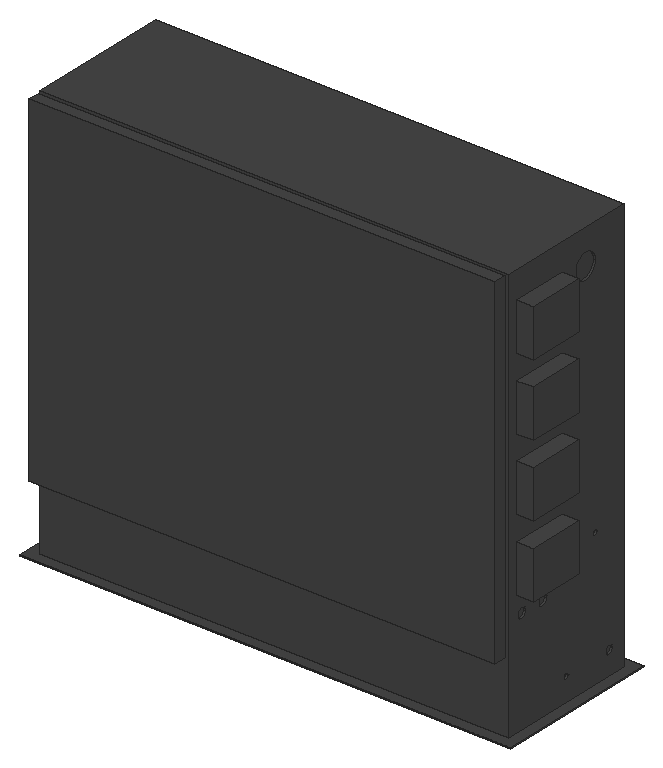
Revit family "SP4184W_EUR_Revit", category Mechanical Equipment, Revit 2014
Parameters (values of type "Standard")
  d99 = 0' - 1.45"
  d97 = 0' - 1.45"
  d95 = 0' - 1.45"
  d135 = 0' - 1"
  d133 = 1' - 1.815"
  d131 = 2' - 10.428"
  d129 = 0' - 0.2685"
  d127 = 0' - 0 1/4"
  d125 = 0' - 0 1/4"
  d123 = 0' - 0 1/4"
  d121 = 0' - 0 1/4"
  d119 = 0' - 0 1/4"
  d117 = 0' - 0 1/4"
  d115 = 0' - 0 1/4"
  d113 = 0' - 0 1/4"
  d111 = 0' - 0 1/4"
  d109 = 0' - 0 1/4"
  d107 = 0' - 0 1/4"
  d105 = 0' - 0 1/4"
  d103 = 0' - 0 1/4"
  d101 = 0' - 1.45"
  URL = "www.neptronic.com"
  Part Number = "SP4184W_Revit"
  Model = "SKE50-W, SKE60-W, SKE80-W"
  Manufacturer = "Neptronic"
  Designer = "Antoine"
  Design Status = 1
  Description = "Electric Resistive Humidifier Weather proof"
  Date Created = "2014-06-26 08:33:09"
  Connector_9_Diameter = 0' - 0"
  Connector_8_Diameter = 0' - 0"
  Connector_3_Diameter = 0' - 0"
  Connector_2_Diameter = 0' - 0"
  Connector_1_Diameter = 0' - 0"
  Connector_13_Diameter = 0' - 0"
  Connector_12_Diameter = 0' - 0"
  Connector_11_Diameter = 0' - 0"
  Connector_10_Diameter = 0' - 0"
  Author = "Antoine"
Reference planes (in)
  plane 1 "Center (Front/Back)": y = 0
  plane 2: z = 0
  plane 3 "Center (Left/Right)": x = 0
  plane 4: y = -6.2905
  plane 5: y = -7.2905
  plane 6: y = -6.961
  plane 7: y = 6.854
  plane 8: z = -34.428
  plane 9: z = 0
  plane 10: y = -6.2905
  plane 11: y = -6.022
  plane 12: z = -34.489
  plane 13: z = -34.239
  plane 14: z = -34.489
  plane 15: z = -34.239
  plane 16: z = -34.489
  plane 17: z = -34.239
  plane 18: z = -34.489
  plane 19: z = -34.239
  plane 20: z = -34.489
  plane 21: z = -34.239
  plane 22: z = -34.489
  plane 23: z = -34.239
  plane 24: x = -13.937
  plane 25: x = -13.687
  plane 26: x = 24.937
  plane 27: x = 24.687
  plane 28: x = 24.937
  plane 29: x = 24.687
  plane 30: x = 24.937
  plane 31: x = 24.687
  plane 32: x = 24.937
  plane 33: x = 24.687
  plane 34: x = 24.937
  plane 35: x = 24.687
  plane 36: x = 24.937
  plane 37: x = 24.687
  plane 38: x = 24.937
  plane 39: x = 26.387
  plane 40: x = 24.937
  plane 41: x = 26.387
  plane 42: x = 24.937
  plane 43: x = 26.387
  plane 44: x = 24.937
  plane 45: x = 26.387
Forms (in)
  Extrusion 1, solid
    sketch origin (0, -6.2905, 0) x (-1, 0, 0) y (0, 0, 1)
      loop
        line (-24.846, -0.0185) -> (-24.846, -28.4255) -> (13.846, -28.4255) -> (13.846, -0.0185) -> (-24.846, -0.0185)
    from 0 to -1
  Extrusion 2, solid
    sketch origin (0, -6.961, 0) x (-1, 0, 0) y (0, 0, -1)
      loop
        line (14.876, 34.489) -> (-25.876, 34.489) -> (-25.876, 34.428) -> (14.876, 34.428) -> (14.876, 34.489)
    from 0 to -13.815
  Extrusion 3, solid
    sketch origin (0, 0, -34.428) x (-1, 0, 0) y (0, -1, 0)
      loop
        line (13.937, 6.022) -> (-24.937, 6.022) -> (-24.937, -5.9685) -> (13.937, -5.9685) -> (13.937, 6.022)
    from 0 to 34.428
  Extrusion 4, solid
    sketch origin (0, -6.2905, 0) x (-1, 0, 0) y (0, 0, 1)
      loop
        line (13.124, -27.676) -> (13.124, -0.813) -> (-24.124, -0.813) -> (-24.124, -27.676) -> (13.124, -27.676)
    from 0 to 0.2685
  Extrusion 5, void
    sketch origin (0, 0, -34.489) x (-1, 0, 0) y (0, -1, 0)
      loop
        circle (-18.8305, -2.1115) r 1.0625
    from 0 to 0.25
  Extrusion 6, void
    sketch origin (0, 0, -34.489) x (-1, 0, 0) y (0, -1, 0)
      loop
        circle (-19.93097, 4.40847) r 0.4375
    from 0 to 0.25
  Extrusion 7, void
    sketch origin (0, 0, -34.489) x (-1, 0, 0) y (0, -1, 0)
      loop
        circle (-12.107, -4.348) r 0.375
    from 0 to 0.25
  Extrusion 8, void
    sketch origin (0, 0, -34.489) x (-1, 0, 0) y (0, -1, 0)
      loop
        circle (-5.5, 0.0535) r 0.25
    from 0 to 0.25
  Extrusion 9, void
    sketch origin (0, 0, -34.489) x (-1, 0, 0) y (0, -1, 0)
      loop
        circle (-17.59528, 4.40847) r 0.4375
    from 0 to 0.25
  Extrusion 10, void
    sketch origin (0, 0, -34.489) x (-1, 0, 0) y (0, -1, 0)
      loop
        circle (-22.4475, -2.7772) r 0.25
    from 0 to 0.25
  Extrusion 11, void
    sketch origin (-13.937, 0, 0) x (0, -1, 0) y (0, 0, 1)
      loop
        circle (-1.9965, -2.868) r 1.0625
    from 0 to -0.25
  Extrusion 12, void
    sketch origin (24.937, 0, 0) x (0, -1, 0) y (0, 0, -1)
      loop
        circle (-2.9685, 23.1345) r 0.25
    from 0 to -0.25
  Extrusion 13, void
    sketch origin (24.937, 0, 0) x (0, -1, 0) y (0, 0, -1)
      loop
        circle (-4.415, 32.489) r 0.375
    from 0 to -0.25
  Extrusion 14, void
    sketch origin (24.937, 0, 0) x (0, -1, 0) y (0, 0, -1)
      loop
        circle (0.0535, 32.489) r 0.25
    from 0 to -0.25
  Extrusion 15, void
    sketch origin (24.937, 0, 0) x (0, -1, 0) y (0, 0, -1)
      loop
        circle (2.47946, 25.77801) r 0.4375
    from 0 to -0.25
  Extrusion 16, void
    sketch origin (24.937, 0, 0) x (0, -1, 0) y (0, 0, -1)
      loop
        circle (4.65246, 25.77801) r 0.4375
    from 0 to -0.25
  Extrusion 17, void
    sketch origin (24.937, 0, 0) x (0, -1, 0) y (0, 0, -1)
      loop
        circle (-1.9965, 2.868) r 1.0625
    from 0 to -0.25
  Extrusion 18, solid
    sketch origin (24.937, 0, 0) x (0, -1, 0) y (0, 0, -1)
      loop
        line (0.5185, 2.202) -> (5.2435, 2.202) -> (5.2435, 6.152) -> (0.5185, 6.152) -> (0.5185, 2.202)
    from 0 to 1.45
  Extrusion 19, solid
    sketch origin (24.937, 0, 0) x (0, -1, 0) y (0, 0, -1)
      loop
        line (0.5185, 20.202) -> (5.2435, 20.202) -> (5.2435, 24.152) -> (0.5185, 24.152) -> (0.5185, 20.202)
    from 0 to 1.45
  Extrusion 20, solid
    sketch origin (24.937, 0, 0) x (0, -1, 0) y (0, 0, -1)
      loop
        line (0.5185, 14.202) -> (5.2435, 14.202) -> (5.2435, 18.152) -> (0.5185, 18.152) -> (0.5185, 14.202)
    from 0 to 1.45
  Extrusion 21, solid
    sketch origin (24.937, 0, 0) x (0, -1, 0) y (0, 0, -1)
      loop
        line (0.5185, 8.202) -> (5.2435, 8.202) -> (5.2435, 12.152) -> (0.5185, 12.152) -> (0.5185, 8.202)
    from 0 to 1.45
Cuts and joins
  Extrusion 5, Extrusion 6, Extrusion 7, Extrusion 8, Extrusion 9, Extrusion 10, Extrusion 11, Extrusion 12, Extrusion 13, Extrusion 14, Extrusion 15, Extrusion 16, Extrusion 17 cuts Extrusion 1
  Extrusion 5, Extrusion 6, Extrusion 7, Extrusion 8, Extrusion 9, Extrusion 10, Extrusion 11, Extrusion 12, Extrusion 13, Extrusion 14, Extrusion 15, Extrusion 16, Extrusion 17 cuts Extrusion 2
  Extrusion 5, Extrusion 6, Extrusion 7, Extrusion 8, Extrusion 9, Extrusion 10, Extrusion 11, Extrusion 12, Extrusion 13, Extrusion 14, Extrusion 15, Extrusion 16, Extrusion 17 cuts Extrusion 3
  Extrusion 5, Extrusion 6, Extrusion 7, Extrusion 8, Extrusion 9, Extrusion 10, Extrusion 11, Extrusion 12, Extrusion 13, Extrusion 14, Extrusion 15, Extrusion 16, Extrusion 17 cuts Extrusion 4
  joined: Extrusion 1, Extrusion 2, Extrusion 3, Extrusion 4, Extrusion 18, Extrusion 19, Extrusion 20, Extrusion 21
Lines and regions (in)
  reference lines
    curve 1: line (24.846, -6.2905, -0.0185) -> (-13.846, -6.2905, -0.0185)
    curve 2: line (-13.846, -6.2905, -0.0185) -> (-13.846, -6.2905, -28.4255)
    curve 3: line (-13.846, -6.2905, -28.4255) -> (24.846, -6.2905, -28.4255)
    curve 4: line (24.846, -6.2905, -28.4255) -> (24.846, -6.2905, -0.0185)
    curve 5: line (-14.876, -6.961, -34.489) -> (25.876, -6.961, -34.489)
    curve 6: line (25.876, -6.961, -34.489) -> (25.876, -6.961, -34.428)
    curve 7: line (-14.876, -6.961, -34.428) -> (25.876, -6.961, -34.428)
    curve 8: line (-14.876, -6.961, -34.489) -> (-14.876, -6.961, -34.428)
    curve 9: line (-13.937, -6.022, -34.428) -> (-13.937, 5.9685, -34.428)
    curve 10: line (-13.937, 5.9685, -34.428) -> (24.937, 5.9685, -34.428)
    curve 11: line (24.937, 5.9685, -34.428) -> (24.937, -6.022, -34.428)
    curve 12: line (24.937, -6.022, -34.428) -> (-13.937, -6.022, -34.428)
    curve 13: line (-13.124, -6.2905, -27.676) -> (24.124, -6.2905, -27.676)
    curve 14: line (24.124, -6.2905, -27.676) -> (24.124, -6.2905, -0.813)
    curve 15: line (24.124, -6.2905, -0.813) -> (-13.124, -6.2905, -0.813)
    curve 16: line (-13.124, -6.2905, -0.813) -> (-13.124, -6.2905, -27.676)
    curve 17: circle (18.8305, 2.1115, -34.489) r 1.0625 normal (0, 0, 1)
    curve 18: circle (19.93097, -4.40847, -34.489) r 0.4375 normal (0, 0, 1)
    curve 19: circle (12.107, 4.348, -34.489) r 0.375 normal (0, 0, 1)
    curve 20: circle (5.5, -0.0535, -34.489) r 0.25 normal (0, 0, 1)
    curve 21: circle (17.59528, -4.40847, -34.489) r 0.4375 normal (0, 0, 1)
    curve 22: circle (22.4475, 2.7772, -34.489) r 0.25 normal (0, 0, 1)
    curve 23: circle (-13.937, 1.9965, -2.868) r 1.0625 normal (-1, 0, 0)
    curve 24: circle (24.937, 2.9685, -23.1345) r 0.25 normal (1, 0, 0)
    curve 25: circle (24.937, 4.415, -32.489) r 0.375 normal (1, 0, 0)
    curve 26: circle (24.937, -0.0535, -32.489) r 0.25 normal (1, 0, 0)
    curve 27: circle (24.937, -2.47946, -25.77801) r 0.4375 normal (1, 0, 0)
    curve 28: circle (24.937, -4.65246, -25.77801) r 0.4375 normal (1, 0, 0)
    curve 29: circle (24.937, 1.9965, -2.868) r 1.0625 normal (1, 0, 0)
    curve 30: line (24.937, -0.5185, -2.202) -> (24.937, -0.5185, -6.152)
    curve 31: line (24.937, -0.5185, -6.152) -> (24.937, -5.2435, -6.152)
    curve 32: line (24.937, -5.2435, -6.152) -> (24.937, -5.2435, -2.202)
    curve 33: line (24.937, -5.2435, -2.202) -> (24.937, -0.5185, -2.202)
    curve 34: line (24.937, -0.5185, -20.202) -> (24.937, -0.5185, -24.152)
    curve 35: line (24.937, -0.5185, -24.152) -> (24.937, -5.2435, -24.152)
    curve 36: line (24.937, -5.2435, -24.152) -> (24.937, -5.2435, -20.202)
    curve 37: line (24.937, -5.2435, -20.202) -> (24.937, -0.5185, -20.202)
    curve 38: line (24.937, -0.5185, -14.202) -> (24.937, -0.5185, -18.152)
    curve 39: line (24.937, -0.5185, -18.152) -> (24.937, -5.2435, -18.152)
    curve 40: line (24.937, -5.2435, -18.152) -> (24.937, -5.2435, -14.202)
    curve 41: line (24.937, -5.2435, -14.202) -> (24.937, -0.5185, -14.202)
    curve 42: line (24.937, -0.5185, -8.202) -> (24.937, -0.5185, -12.152)
    curve 43: line (24.937, -0.5185, -12.152) -> (24.937, -5.2435, -12.152)
    curve 44: line (24.937, -5.2435, -12.152) -> (24.937, -5.2435, -8.202)
    curve 45: line (24.937, -5.2435, -8.202) -> (24.937, -0.5185, -8.202)
Dimensions and locks (in)
  "d135": plane 5 to plane 4
  "d133": plane 7 to plane 6
  "d131": plane 8 to plane 9
  "d129": plane 10 to plane 11
  "d127": plane 12 to plane 13
  "d125": plane 14 to plane 15
  "d123": plane 16 to plane 17
  "d121": plane 18 to plane 19
  "d119": plane 20 to plane 21
  "d117": plane 22 to plane 23
  "d115": plane 25 to plane 24
  "d113": plane 27 to plane 26
  "d111": plane 29 to plane 28
  "d109": plane 31 to plane 30
  "d107": plane 33 to plane 32
  "d105": plane 35 to plane 34
  "d103": plane 37 to plane 36
  "d101": plane 38 to plane 39
  "d99": plane 40 to plane 41
  "d97": plane 42 to plane 43
  "d95": plane 44 to plane 45
  aligned and locked: plane 2 to level
  aligned and locked: Extrusion 1 to plane 5
  aligned and locked: plane 4 to Extrusion 1
  aligned and locked: Extrusion 1 sketch curve to curve 1
  aligned and locked: Extrusion 1 sketch curve to curve 2
  aligned and locked: Extrusion 1 sketch curve to curve 3
  aligned and locked: Extrusion 1 sketch curve to curve 4
  aligned and locked: Extrusion 2 to plane 7
  aligned and locked: Extrusion 2 to plane 6
  aligned and locked: Extrusion 2 sketch curve to curve 5
  aligned and locked: Extrusion 2 sketch curve to curve 6
  aligned and locked: Extrusion 2 sketch curve to curve 7
  aligned and locked: Extrusion 2 sketch curve to curve 8
  aligned and locked: Extrusion 3 to plane 9
  aligned and locked: Extrusion 3 to plane 8
  aligned and locked: Extrusion 3 sketch curve to curve 9
  aligned and locked: Extrusion 3 sketch curve to curve 10
  aligned and locked: Extrusion 3 sketch curve to curve 11
  aligned and locked: Extrusion 3 sketch curve to curve 12
  aligned and locked: plane 11 to Extrusion 4
  aligned and locked: Extrusion 4 to plane 10
  aligned and locked: Extrusion 4 sketch curve to curve 13
  aligned and locked: Extrusion 4 sketch curve to curve 14
  aligned and locked: Extrusion 4 sketch curve to curve 15
  aligned and locked: Extrusion 4 sketch curve to curve 16
  aligned and locked: Extrusion 5 to plane 13
  aligned and locked: Extrusion 5 to plane 12
  aligned and locked: Extrusion 5 sketch curve to curve 17  (x2)
  aligned and locked: Extrusion 6 to plane 15
  aligned and locked: Extrusion 6 to plane 14
  aligned and locked: Extrusion 6 sketch curve to curve 18  (x2)
  aligned and locked: Extrusion 7 to plane 17
  aligned and locked: Extrusion 7 to plane 16
  aligned and locked: Extrusion 7 sketch curve to curve 19  (x2)
  aligned and locked: Extrusion 8 to plane 19
  aligned and locked: Extrusion 8 to plane 18
  aligned and locked: Extrusion 8 sketch curve to curve 20  (x2)
  aligned and locked: Extrusion 9 to plane 21
  aligned and locked: Extrusion 9 to plane 20
  aligned and locked: Extrusion 9 sketch curve to curve 21  (x2)
  aligned and locked: Extrusion 10 to plane 23
  aligned and locked: Extrusion 10 to plane 22
  aligned and locked: Extrusion 10 sketch curve to curve 22  (x2)
  aligned and locked: Extrusion 11 to plane 25
  aligned and locked: plane 24 to Extrusion 11
  aligned and locked: Extrusion 11 sketch curve to curve 23  (x2)
  aligned and locked: Extrusion 12 to plane 27
  aligned and locked: plane 26 to Extrusion 12
  aligned and locked: Extrusion 12 sketch curve to curve 24  (x2)
  aligned and locked: Extrusion 13 to plane 29
  aligned and locked: plane 28 to Extrusion 13
  aligned and locked: Extrusion 13 sketch curve to curve 25  (x2)
  aligned and locked: Extrusion 14 to plane 31
  aligned and locked: plane 30 to Extrusion 14
  aligned and locked: Extrusion 14 sketch curve to curve 26  (x2)
  aligned and locked: Extrusion 15 to plane 33
  aligned and locked: plane 32 to Extrusion 15
  aligned and locked: Extrusion 15 sketch curve to curve 27  (x2)
  aligned and locked: Extrusion 16 to plane 35
  aligned and locked: plane 34 to Extrusion 16
  aligned and locked: Extrusion 16 sketch curve to curve 28  (x2)
  aligned and locked: Extrusion 17 to plane 37
  aligned and locked: plane 36 to Extrusion 17
  aligned and locked: Extrusion 17 sketch curve to curve 29  (x2)
  aligned and locked: plane 39 to Extrusion 18
  aligned and locked: Extrusion 18 to plane 38
  aligned and locked: Extrusion 18 sketch curve to curve 30
  aligned and locked: Extrusion 18 sketch curve to curve 31
  aligned and locked: Extrusion 18 sketch curve to curve 32
  aligned and locked: Extrusion 18 sketch curve to curve 33
  aligned and locked: plane 41 to Extrusion 19
  aligned and locked: Extrusion 19 to plane 40
  aligned and locked: Extrusion 19 sketch curve to curve 34
  aligned and locked: Extrusion 19 sketch curve to curve 35
  aligned and locked: Extrusion 19 sketch curve to curve 36
  aligned and locked: Extrusion 19 sketch curve to curve 37
  aligned and locked: plane 43 to Extrusion 20
  aligned and locked: Extrusion 20 to plane 42
  aligned and locked: Extrusion 20 sketch curve to curve 38
  aligned and locked: Extrusion 20 sketch curve to curve 39
  aligned and locked: Extrusion 20 sketch curve to curve 40
  aligned and locked: Extrusion 20 sketch curve to curve 41
  aligned and locked: plane 45 to Extrusion 21
  aligned and locked: Extrusion 21 to plane 44
  aligned and locked: Extrusion 21 sketch curve to curve 42
  aligned and locked: Extrusion 21 sketch curve to curve 43
  aligned and locked: Extrusion 21 sketch curve to curve 44
  aligned and locked: Extrusion 21 sketch curve to curve 45
Connectors (in)
  hvac at (24.937, 1.9965, -2.868), driven by "Connector_1_Diameter"
    settings: on cut or joined group 1 (Extrusion 1, Extrusion 2, Extrusion 3, Extrusion 4, Extrusion 5, Extrusion 6, Extrusion 7, Extrusion 8, Extrusion 9, Extrusion 10, Extrusion 11, Extrusion 12, Extrusion 13, Extrusion 14, Extrusion 15, Extrusion 16, Extrusion 17, Extrusion 18, Extrusion 19, Extrusion 20, Extrusion 21), index 1, duct flow 0 CFM, flow factor 0, pres drop 0.00 in-wg, loss coef 0, conn angle 0.00°, conn width 12", conn height 12", conn diameter 0", duct sys type 1, conn prof type 0, flow config 1, flow direction 2, loss method 0, conn ref index -1, conn util no, is conn primary yes, conn desc "Steam Outlet 2 1/8'' (STD)"
  hvac at (-13.937, 1.9965, -2.868), driven by "Connector_2_Diameter"
    settings: on cut or joined group 1, index 2, duct flow 0 CFM, flow factor 0, pres drop 0.00 in-wg, loss coef 0, conn angle 0.00°, conn width 12", conn height 12", conn diameter 0", duct sys type 1, conn prof type 0, flow config 1, flow direction 2, loss method 0, conn ref index -1, conn util no, is conn primary no, conn desc "Steam Outlet 2 1/8'' (Option)"
  hvac at (18.8305, 2.1115, -34.489), driven by "Connector_3_Diameter"
    settings: on cut or joined group 1, index 3, duct flow 0 CFM, flow factor 0, pres drop 0.00 in-wg, loss coef 0, conn angle 0.00°, conn width 12", conn height 12", conn diameter 0", duct sys type 1, conn prof type 0, flow config 1, flow direction 2, loss method 0, conn ref index -1, conn util no, is conn primary no, conn desc "Steam Outlet 2 1/8'' (Roofcurb option)"
  electrical at (24.937, -4.65246, -25.77801)
    settings: on cut or joined group 1, index 4, voltage 0 V, apparent load 0 VA, apparent load phase1 0 VA, apparent load phase2 0 VA, apparent load phase3 0 VA, power factor 1, load classification "Other", number of poles 1, system type 13, power factor state 1, is connector primary yes, connector utility no, sub classification motor no, connector description "Low Voltage control intlet 7/8'' (KO)"
  electrical at (24.937, -2.47946, -25.77801)
    settings: on cut or joined group 1, index 5, voltage 0 V, apparent load 0 VA, apparent load phase1 0 VA, apparent load phase2 0 VA, apparent load phase3 0 VA, power factor 0, load classification "Other", number of poles 1, system type 30, power factor state 1, is connector primary no, connector utility no, sub classification motor no, connector description "Power supply inlet 7/8'' (KO)"
  electrical at (17.59528, -4.40847, -34.489)
    settings: on cut or joined group 1, index 6, voltage 0 V, apparent load 0 VA, apparent load phase1 0 VA, apparent load phase2 0 VA, apparent load phase3 0 VA, power factor 1, load classification "Other", number of poles 1, system type 13, power factor state 1, is connector primary no, connector utility no, sub classification motor no, connector description "Low Voltage control inlet 7/8\" (KO) (Roofcurb option)"
  electrical at (19.93097, -4.40847, -34.489)
    settings: on cut or joined group 1, index 7, voltage 0 V, apparent load 0 VA, apparent load phase1 0 VA, apparent load phase2 0 VA, apparent load phase3 0 VA, power factor 0, load classification "Other", number of poles 1, system type 30, power factor state 1, is connector primary no, connector utility no, sub classification motor no, connector description "Power Supply Inlet 7/8\" (KO) (Roofcurb option)"
  piping at (22.4475, 2.7772, -34.489), driven by "Connector_8_Diameter"
    settings: on cut or joined group 1, index 8, connector diameter 0", connector inside diameter 24", connector length 0' - 0", flow factor 0, pipe flow 0 GPM, pressure drop 0.00 psi, fitting loss kfactor 0, connector angle 0.00°, fixture units 0, engagement length 0' - 0", angle of deflection 0.00°, flow configuration 1, flow direction 1, fitting loss method 0, system type 20, joint type 0, gender type 0, connector reference index -1, connector utility 0, adjustable connector no, is connector primary yes, connector description "Water Inlet 1/2\" NPT (Roofcurb option)"
  piping at (12.107, 4.348, -34.489), driven by "Connector_9_Diameter"
    settings: on cut or joined group 1, index 9, connector diameter 0", connector inside diameter 24", connector length 0' - 0", flow factor 0, pipe flow 0 GPM, pressure drop 0.00 psi, fitting loss kfactor 0, connector angle 0.00°, fixture units 0, engagement length 0' - 0", angle of deflection 0.00°, flow configuration 1, flow direction 2, fitting loss method 0, system type 16, joint type 0, gender type 0, connector reference index -1, connector utility 0, adjustable connector no, is connector primary no, connector description "Main Drain 3/4\" (Roofcurb Option)"
  piping at (5.5, -0.0535, -34.489), driven by "Connector_10_Diameter"
    settings: on cut or joined group 1, index 10, connector diameter 0", connector inside diameter 24", connector length 0' - 0", flow factor 0, pipe flow 0 GPM, pressure drop 0.00 psi, fitting loss kfactor 0, connector angle 0.00°, fixture units 0, engagement length 0' - 0", angle of deflection 0.00°, flow configuration 1, flow direction 1, fitting loss method 0, system type 16, joint type 0, gender type 0, connector reference index -1, connector utility 0, adjustable connector no, is connector primary no, connector description "Pan drip drain 1/2\" (Roofcurb option)"
  piping at (24.937, 2.9685, -23.1345), driven by "Connector_11_Diameter"
    settings: on cut or joined group 1, index 11, connector diameter 0", connector inside diameter 24", connector length 0' - 0", flow factor 0, pipe flow 0 GPM, pressure drop 0.00 psi, fitting loss kfactor 0, connector angle 0.00°, fixture units 0, engagement length 0' - 0", angle of deflection 0.00°, flow configuration 1, flow direction 1, fitting loss method 0, system type 20, joint type 0, gender type 0, connector reference index -1, connector utility 0, adjustable connector no, is connector primary no, connector description "Water Inlet 1/2\" Male NPT (STD)"
  piping at (24.937, -0.0535, -32.489), driven by "Connector_12_Diameter"
    settings: on cut or joined group 1, index 12, connector diameter 0", connector inside diameter 24", connector length 0' - 0", flow factor 0, pipe flow 0 GPM, pressure drop 0.00 psi, fitting loss kfactor 0, connector angle 0.00°, fixture units 0, engagement length 0' - 0", angle of deflection 0.00°, flow configuration 1, flow direction 2, fitting loss method 0, system type 16, joint type 0, gender type 0, connector reference index -1, connector utility 0, adjustable connector no, is connector primary no, connector description "Pan drip drain 1/2\" (STD)"
  piping at (24.937, 4.415, -32.489), driven by "Connector_13_Diameter"
    settings: on cut or joined group 1, index 13, connector diameter 0", connector inside diameter 24", connector length 0' - 0", flow factor 0, pipe flow 0 GPM, pressure drop 0.00 psi, fitting loss kfactor 0, connector angle 0.00°, fixture units 0, engagement length 0' - 0", angle of deflection 0.00°, flow configuration 1, flow direction 2, fitting loss method 0, system type 16, joint type 0, gender type 0, connector reference index -1, connector utility 0, adjustable connector no, is connector primary no, connector description "Main drain 3/4\" (STD)"
